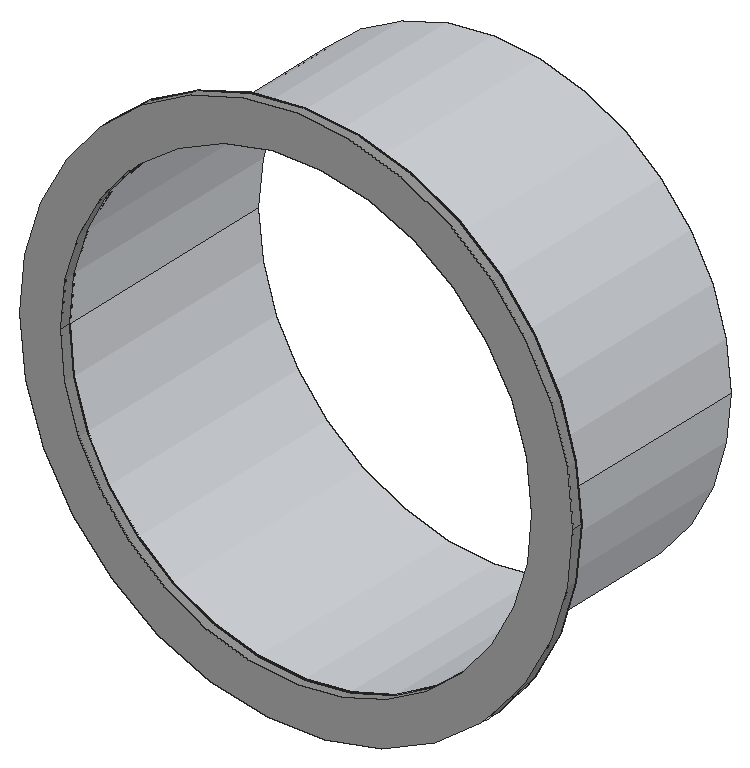
Revit family "ST-1", category Mechanical Equipment, Revit 2015
Parameters
  URL = "https://unitedenertech.com/catalog/pdf/J_7%20Model%20ST-1,%202,%203,%204.pdf"
  Type Comments = "Consult Factory for Max. Sizes"
  OD Radius [instance] = Diameter / 2  # 0' - 6"
  Model = "ST-1"
  Manufacturer = "United Enertech Corporation"
  ID Radius [instance] = OD Radius - 0' 0 1/32"  # 0' - 5 31/32"
  Flange Radius [instance] = OD Radius + 0' 1"  # 0' - 7"
  Description = "Sticktite Take-off"
  Diameter = 1' - 0"
  Blade Radius [instance] = ID Radius - 0' 0 1/8"  # 0' - 5 27/32"
  Length = 0' - 6"
Reference planes (in)
  plane 1 "Center (Front/Back)": y = 0
  plane 2: z = 0
  plane 3 "Center (Left/Right)": x = 0
  plane 4: x = -6
  plane 5: x = 6
  plane 6: x = -7
  plane 7: x = 7
  plane 8: x = -5.97
  plane 9: x = 5.97
  plane 10: y = -3
  plane 11: y = 3
  plane 12: y = -2.97
  plane 13: y = -3.25
Forms (in)
  Extrusion 1, solid
    sketch origin (0, 0, 0) x (1, 0, 0) y (0, 0, 1)
      loop
        circle (0, 0) r 6
      loop
        circle (0, 0) r 5.96875
    from -3 to 2.97
  Extrusion 2, solid
    sketch origin (0, 0, 0) x (1, 0, 0) y (0, 0, 1)
      loop
        circle (0, 0) r 7
      loop
        circle (0, 0) r 5.96875
    from 2.97 to 3
  Extrusion 3, solid, material "Rubber, Silicone"
    sketch origin (0, 0, 0) x (1, 0, 0) y (0, 0, 1)
      loop
        circle (0, 0) r 7
      loop
        circle (0, 0) r 5.96875
    from 3 to 3.25
Dimensions and locks (in)
  equal spacing: plane 4, plane 3 "Center (Left/Right)", plane 5
  "Diameter": plane 4 to plane 5
  plane 6 to plane 4 = 0' - 1"
  plane 5 to plane 7 = 0' - 1"
  locked: plane 4 to plane 8 at 0.03
  locked: plane 9 to plane 5 at 0.03
  equal spacing: plane 11, plane 1 "Center (Front/Back)", plane 10
  "Length": plane 11 to plane 10
  locked: plane 12 to plane 10 at 0.03
  locked: plane 10 to plane 13 at 0.25
  "ID Radius": radius of Extrusion 1 sketch curve
  "OD Radius": radius of Extrusion 1 sketch curve
  "ID Radius": radius of Extrusion 2 sketch curve
  "Flange Radius": radius of Extrusion 2 sketch curve
  "ID Radius": radius of Extrusion 3 sketch curve
  "Flange Radius": radius of Extrusion 3 sketch curve
  aligned and locked: level to plane 2
  aligned and locked: Extrusion 1 to plane 11
  aligned and locked: Extrusion 1 to plane 12
  aligned and locked: plane 12 to Extrusion 2
  aligned and locked: Extrusion 2 to plane 10
  aligned and locked: plane 10 to Extrusion 3
  aligned and locked: Extrusion 3 to plane 13
Automatic sketch dimensions
  Extrusion 1 sketch curve to Extrusion 1 sketch curve = 0' - 0"  (x2)
  Extrusion 1 sketch curve to level = 0' - 0"
  Extrusion 1 sketch curve to plane 3 "Center (Left/Right)" = 0' - 0"
  Extrusion 2 sketch curve to Extrusion 2 sketch curve = 0' - 0"  (x2)
  Extrusion 2 sketch curve to level = 0' - 0"
  Extrusion 2 sketch curve to plane 3 "Center (Left/Right)" = 0' - 0"
  Extrusion 3 sketch curve to Extrusion 3 sketch curve = 0' - 0"  (x2)
  Extrusion 3 sketch curve to level = 0' - 0"
  Extrusion 3 sketch curve to plane 3 "Center (Left/Right)" = 0' - 0"
